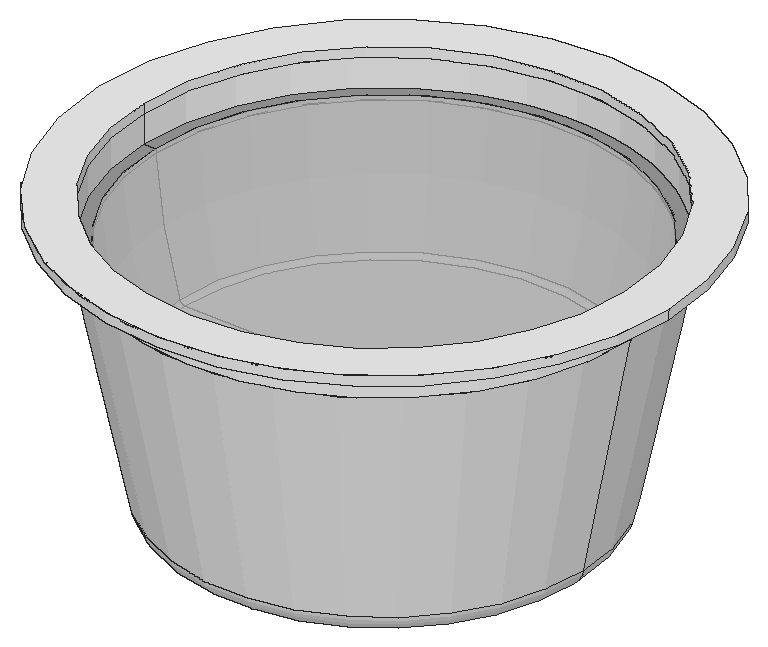
Revit family "2059217 Lighting Fixture_Sylvania_Ascent 100 Deco(160)-Very High Output_Ceiling Recessed", category Lighting Fixtures, host Face, Revit 2017
Family settings
  Host = Face
  Round Connector Dimension = Use Diameter
  Part Type = Normal
  OmniClass Number = 23.80.70.11.17
  OmniClass Title = Specialized Lighting by Location or Use
  Cut with Voids When Loaded = No
  Light Source = Yes
  Shared = No
  Room Calculation Point = No
Parameters (values of type "Asct100 Deco VHO 3K EMPRO 160")
  Reflector Radius = Radius - 14.5 mm  # 80.0 mm
  Reflector Material = Aluminium_Sylvania_Ascent_Silver
  Radius = 94.5 mm
  Life = "50 000h"  # constant formula
  IP Rating = "IP44"  # constant formula
  IK Rating = "IK02"  # constant formula
  Height = 94.0 mm
  Wattage = 1.47564 W
  built-in parameter 1150110 = 1 (stored number, unit not read)
  Voltage Comments = "UNV (Universal Voltage; 220-240 Volt)"  # constant formula
  Voltage = 240 V  # constant formula
  URL = "https://www.sylvania-lighting.com/"
  built-in parameter 1114217 = 1 (stored number, unit not read)
  Tilt Angle = -90°
  built-in parameter 1150109 = 1 (stored number, unit not read)
  built-in parameter 1150134 = (empty or 0)
  built-in parameter 1150113 = 1 (stored number, unit not read)
  Product Page URL = "https://www.sylvania-lighting.com/product/en-int/products/2059217"
  Product Family = "Ascent 100 Deco (160) - Very High Output"  # constant formula
  Photometry Comments = ""
  Photometric Web File = "2059217_Asct100DecoVHO3KEMPRO160-190174.ies"
  Glow Wire Test = 850 °C
  Emit from Circle Diameter = 2 * Diffuser Radius  # 152.0 mm
  Emit Shape Visible in Rendering = no
  Drive Current = "1000mA"  # constant formula
  Diffuser Radius = Reflector Radius - 4.0 mm  # 76.0 mm
  Diffuser Material = Polycarbonate_Sylvania_Ascent_Clear
  Diameter = 2 * Radius  # 189.0 mm
  Cutout Diameter = Diameter - 11.0 mm  # 178.0 mm
  built-in parameter 1114216 [instance] = 1 (stored number, unit not read)
  Model = "Asct100 Deco VHO 3K EMPRO 160"
  Manufacturer = "Feilo-Sylvania Group"
  built-in parameter 1150105 = 74.656 (stored number, unit not read)
  Lumens = 159 lm
  built-in parameter 1150115 = 1 (stored number, unit not read)
  built-in parameter 1150137 = (empty or 0)
  built-in parameter 1150139 = (empty or 0)
  built-in parameter 1150112 = 1 (stored number, unit not read)
  built-in parameter 1150114 = 1 (stored number, unit not read)
  Lamp = "Integrated LED"
  built-in parameter 1150132 = 2
  built-in parameter 1150102 = (empty or 0)
  built-in parameter 1150107 = 3000 (stored number, unit not read)
  built-in parameter 1150138 = (empty or 0)
  built-in parameter 1150106 = 0.74656 (stored number, unit not read)
  Body Material = Aluminum_Sylvania_Ascent_White
  built-in parameter 1150104 = 10.01 (stored number, unit not read)
  Dimming Lamp Color Temperature Shift = <None>
  Description = "Direct LED retro fit for original LED 100 Deco (160) single CFL lamp offering Matching lumen levels and improved light distribution of original LED 100 CFL lamp equivalents Typically half the power consumption compared to CFL Up to 112lm/W 160mm aperture Decorative reflector accepts snap fit polycarbonate accessories from existing LED 100 Deco 160 offering New kometa accessory ring creates a diffused indirect halo of light onto the ceiling for decorative effect HE, HO and VHO versions equivalent of single 1 x 18W, 1 x 32W, 1 x 42W Additional VVHO versions which offer the performance circa 2 x 32W equivalent"  # constant formula
  Default Elevation = 0.0 mm
  Color Filter = 16777215
  Catalog Number = "2059217 Asct100 Deco VHO 3K EMPRO 160"
  built-in parameter 1140040 [instance] = 1
  built-in parameter 1114218 = 1 (stored number, unit not read)
  built-in parameter 1150133 = 10 (stored number, unit not read)
  Assembly Code = "D5020200"
  Apparent Load Comments = ""
  Apparent Load = 25 VA
  Aperture = 2 * Reflector Radius  # 160.0 mm
Reference planes
  plane 1 "Center (Front/Back)": y = 0
  plane 2: z = 0
  plane 3 "Center (Left/Right)": x = 0
  plane 4 "Fixture Bottom": z = 3
  plane 5: z = -53.5
  plane 6 "Fixture Top": z = -91
  plane 7: z = -9
  plane 8: z = -10.5
Forms (mm)
  Extrusion 1, solid, material "Aluminum_Sylvania_Ascent_White" <- "Body Material", detail levels fine
    sketch origin (0, 0, 0) x (1, 0, 0) y (0, 1, 0)
      loop
        circle (0, 0) r 94.5
      loop
        circle (0, 0) r 80
    from 0 to 3
  Extrusion 2, void
    sketch origin (0, 0, 0) x (1, 0, 0) y (0, 1, 0)
      loop
        circle (0, 0) r 89
    from -91 to 3
  Revolve 3, solid, material "Aluminum_Sylvania_Ascent_White" <- "Body Material", detail levels fine
    sketch origin (0, 0, 0) x (1, 0, 0) y (0, 0, 1)
      loop
        line (0, -89) -> (-58.456, -89)
        arc (-58.456, -89) -> (-62.232, -87.663) -> (-64.324, -84.247) r 6
        line (-64.324, -84.247) -> (-80, -10.5) -> (-80, 0) -> (-82.009, 0) -> (-82.009, -10.5) -> (-66.245, -84.663)
        arc (-66.245, -84.663) -> (-63.454, -89.217) -> (-58.42, -91) r 8
        line (-58.42, -91) -> (0, -91) -> (0, -89)
      axis (0, 0) -> (0, -91)
    angle from 0 to 360
  Revolve 4, solid, material "Aluminium_Sylvania_Ascent_Silver" <- "Reflector Material", detail levels fine
    sketch origin (0, 0, 0) x (1, 0, 0) y (0, 0, 1)
      loop
        line (-80, -9) -> (-80, -10.5) -> (-77, -10.5)
        arc (-77, -10.5) -> (-74.319, -31.239) -> (-68.971, -51.454) r 160.868
        arc (-68.971, -51.454) -> (-67.878, -52.935) -> (-66.127, -53.5) r 3
        line (-66.127, -53.5) -> (-58, -53.5)
        arc (-58, -53.5) -> (-56.855, -62.037) -> (-53.5, -69.971) r 32.394
        line (-53.5, -69.971) -> (0, -69.971) -> (0, -52.5) -> (-66.127, -52.5)
        arc (-66.127, -52.5) -> (-67.294, -52.124) -> (-68.023, -51.136) r 2
        arc (-68.023, -51.136) -> (-73.335, -31.062) -> (-76, -10.468) r 159.868
        line (-76, -10.468) -> (-76, -9) -> (-80, -9)
      axis (0, -9) -> (0, -69.971)
    angle from 0 to 360
  Extrusion 5, solid, material "Polycarbonate_Sylvania_Ascent_Clear" <- "Diffuser Material", detail levels fine
    sketch origin (0, 0, 0) x (1, 0, 0) y (0, 1, 0)
      loop
        circle (0, 0) r 76
    from -10.5 to -9
  Revolve 6, solid, material "Aluminum_Sylvania_Ascent_White" <- "Body Material", detail levels coarse+medium
    sketch origin (0, 0, 0) x (1, 0, 0) y (0, 0, 1)
      loop
        line (0, 3) -> (-94.5, 3) -> (-94.5, 0) -> (-82.009, 0) -> (-82.009, -10.5) -> (-66.245, -84.663)
        arc (-66.245, -84.663) -> (-63.454, -89.217) -> (-58.42, -91) r 8
        line (-58.42, -91) -> (0, -91) -> (0, 3)
      axis (0, 3) -> (0, -91)
    angle from 0 to 360
Cuts and joins
  joined: Extrusion 1, Revolve 3
Dimensions and locks
  plane 4 "Fixture Bottom" to plane 2 to plane 7 to plane 8 to plane 5 = 3.0 mm locked, 9.0 mm locked, 1.5 mm locked, 43.0 mm locked
  "Height": plane 4 "Fixture Bottom" to plane 6 "Fixture Top"
  "Reflector Radius": plane 3 "Center (Left/Right)" to Revolve 4 sketch curve
  "Reflector Radius": plane 3 "Center (Left/Right)" to Revolve 3 sketch curve
  locked: Revolve 3 sketch curve to Revolve 3 sketch curve at 2.009
  Revolve 4 sketch curve to Revolve 4 sketch curve = 4.0 mm
  Revolve 4 sketch curve to Revolve 4 sketch curve = 1.0 mm
  Revolve 4 sketch curve to Revolve 4 sketch curve to Revolve 4 sketch curve to Revolve 4 sketch curve to Revolve 4 sketch curve = 11.029 mm locked, 2.844 mm locked, 8.127 mm locked, 4.5 mm locked
  Revolve 3 sketch curve to Revolve 3 sketch curve to Revolve 3 sketch curve = 13.755 mm locked, 7.825 mm locked
  "Radius": plane 3 "Center (Left/Right)" to Revolve 6 sketch curve
  Revolve 6 sketch curve to Revolve 6 sketch curve to Revolve 6 sketch curve = 7.825 mm locked, 28.255 mm locked
  "Cutout Diameter": diameter of Extrusion 2 sketch curve
  "Reflector Radius": radius of Extrusion 1 sketch curve
  "Diffuser Radius": radius of Extrusion 5 sketch curve
  "Radius": radius of Extrusion 1 sketch curve
  aligned and locked: host face to plane 2
  aligned and locked: host face to level
  aligned and locked: plane 1 "Center (Front/Back)" to imposter light
  aligned and locked: plane 3 "Center (Left/Right)" to imposter light
  aligned and locked: plane 4 "Fixture Bottom" to Extrusion 1
  aligned and locked: Extrusion 1 to plane 2
  aligned and locked: Revolve 3 sketch curve to plane 3 "Center (Left/Right)"  (x2)
  aligned and locked: Revolve 4 sketch curve to plane 3 "Center (Left/Right)"  (x2)
  aligned and locked: plane 2 to Revolve 3 sketch curve
  aligned and locked: plane 6 "Fixture Top" to Extrusion 2
  aligned and locked: Revolve 3 sketch curve to plane 2
  aligned and locked: plane 8 to Revolve 3 sketch curve  (x2)
  aligned and locked: plane 7 to Revolve 4 sketch curve
  aligned and locked: Revolve 4 sketch curve to plane 8
  aligned and locked: imposter light to Extrusion 2
  aligned and locked: plane 7 to Extrusion 5
  aligned and locked: Extrusion 5 to plane 8
  aligned and locked: imposter light to plane 4 "Fixture Bottom"
  aligned and locked: Revolve 3 sketch curve to plane 6 "Fixture Top"
  aligned and locked: Revolve 6 sketch curve to plane 4 "Fixture Bottom"
Automatic sketch dimensions
  plane 1 "Center (Front/Back)" to Extrusion 2 sketch curve = 0.0 mm
  Extrusion 2 sketch curve to plane 3 "Center (Left/Right)" = 0.0 mm
  Extrusion 1 sketch curve to Extrusion 1 sketch curve = 0.0 mm  (x2)
  plane 1 "Center (Front/Back)" to Extrusion 1 sketch curve = 0.0 mm
  Extrusion 1 sketch curve to plane 3 "Center (Left/Right)" = 0.0 mm
  plane 1 "Center (Front/Back)" to Extrusion 5 sketch curve = 0.0 mm
  Extrusion 5 sketch curve to plane 3 "Center (Left/Right)" = 0.0 mm
  host sketch curve to host sketch curve = 1368.192 mm
  host sketch curve to host sketch curve = 1600.367 mm
  Revolve 4 sketch curve to plane 5 = 0.0 mm
  Revolve 4 sketch curve to plane 5 = 16.471 mm
  plane 8 to Revolve 4 sketch curve = 0.032 mm
  Revolve 4 sketch curve to Revolve 4 sketch curve = 0.0 mm  (x5)
  Revolve 4 sketch curve to level = 0.289 mm
  Revolve 4 sketch curve to Revolve 4 sketch curve = 2.387 mm
  plane 4 "Fixture Bottom" to Revolve 4 sketch curve = 9.642 mm
  Revolve 4 sketch curve to Revolve 4 sketch curve = 0.948 mm
  Revolve 3 sketch curve to plane 6 "Fixture Top" = 6.753 mm
  Revolve 3 sketch curve to plane 6 "Fixture Top" = 2.0 mm
  Revolve 3 sketch curve to plane 6 "Fixture Top" = 6.337 mm
  Revolve 3 sketch curve to Revolve 3 sketch curve = 1.921 mm
  Revolve 3 sketch curve to Revolve 3 sketch curve = 0.036 mm
  plane 6 "Fixture Top" to Revolve 3 sketch curve = 33.569 mm
  plane 4 "Fixture Bottom" to Revolve 3 sketch curve = 82.431 mm
  Revolve 6 sketch curve to plane 8 = 0.0 mm
  Revolve 6 sketch curve to plane 6 "Fixture Top" = 0.0 mm
  Revolve 6 sketch curve to plane 6 "Fixture Top" = 6.337 mm
  Revolve 6 sketch curve to plane 3 "Center (Left/Right)" = 0.0 mm
  Revolve 6 sketch curve to Revolve 6 sketch curve = 12.491 mm
  plane 6 "Fixture Top" to Revolve 6 sketch curve = 33.569 mm
  plane 4 "Fixture Bottom" to Revolve 6 sketch curve = 82.431 mm
  plane 3 "Center (Left/Right)" to Revolve 6 sketch curve = 0.0 mm
  Revolve 6 sketch curve to level = 0.0 mm
Connectors
  electrical at (0, 0, -91), driven by "Voltage", driven by "Apparent Load"
    settings: index 1, voltage 240 V, apparent load 0 VA, apparent load phase1 25 VA, apparent load phase2 0 VA, apparent load phase3 0 VA, power factor 1, load classification "Lighting", number of poles 1, system type 31, power factor state 1, is connector primary yes, connector utility no, sub classification motor no, connector description ""
